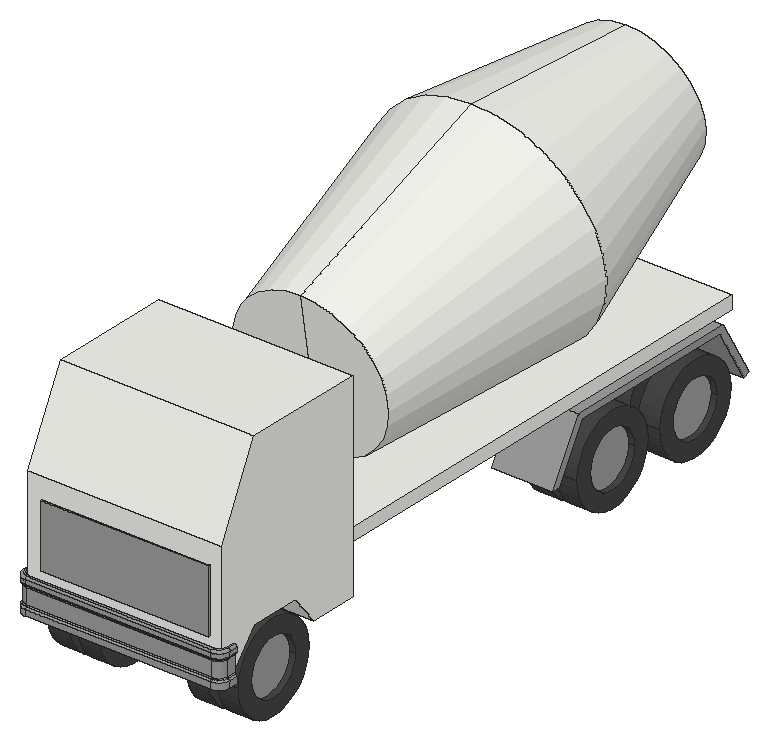
Revit family
Parameters (values of type "Concrete Truck")
  Cab Material = Metal - Paint Finish - White, Matte
  Tire Material = Plastic - Black
  Trailer Material = Metal - Paint Finish - White, Matte
Reference planes
  plane 1 "Center (Left/Right)": x = -43.962
  plane 2: z = 0
  plane 3 "Front": y = -4223.238
  plane 4: z = 457.2
  plane 5: z = 457.2
  plane 6: y = -4680.438
  plane 7: z = 457.2
  plane 8: z = 457.2
  plane 9 "Center (Front/Back)": y = -146.538
  plane 10 "Back": y = 3930.162
Forms (mm)
  Extrusion 1, solid, material "Metal - Steel"
    sketch origin (-43.962, -4223.238, 0) x (0, -1, 0) y (1, 0, 0)
      loop
        line (-2540, 406.4) -> (-8001, 406.4) -> (-8001, -406.4) -> (-2540, -406.4) -> (-2540, -754.278) -> (-1219.2, -754.278) -> (-1219.2, 769.722) -> (-2540, 769.722) -> (-2540, 406.4)
    from 711.2 to 1219.2
  Extrusion 2, solid, material "Plastic - Black" <- "Tire Material"
    sketch origin (-43.962, 1371.6, 0) x (0, -1, 0) y (0, 0, -1)
      loop
        circle (-1720.362, -514.35) r 520.7
      loop
        circle (4502.638, -514.35) r 520.7
      loop
        circle (-501.162, -514.35) r 520.7
      loop
        circle (4502.638, -514.35) r 330.2
      loop
        circle (-501.162, -514.35) r 330.2
      loop
        circle (-1720.362, -514.35) r 330.2
    from 873.125 to 1127.125
  Sweep 3, solid, material "Metal - Chrome Plate"
    path origin (5638.8, 4648.2, 0) x (1, 0, 0) y (0, 1, 0)
      loop
        line (-6901.962, -8439.638) -> (-6901.962, -8541.238)
        arc (-6901.962, -8541.238) -> (-6864.764, -8631.041) -> (-6774.962, -8668.238) r 127
        line (-6774.962, -8668.238) -> (-4590.562, -8668.238)
        arc (-4590.562, -8668.238) -> (-4500.759, -8631.041) -> (-4463.562, -8541.238) r 127
        line (-4463.562, -8541.238) -> (-4463.562, -8439.638)
    profile origin (0, -3842.238, 0) x (1, 0, 0) y (0, 0, 1)
      loop
        line (-1263.162, 661.014) -> (-1212.362, 661.014) -> (-1212.362, 1067.414) -> (-1237.762, 1067.414)
        arc (-1237.762, 1067.414) -> (-1255.722, 1059.975) -> (-1263.162, 1042.014) r 25.4
        line (-1263.162, 1042.014) -> (-1263.162, 991.214) -> (-1243.66, 971.713)
        arc (-1243.66, 971.713) -> (-1238.154, 963.473) -> (-1236.221, 953.753) r 25.4
        line (-1236.221, 953.753) -> (-1236.221, 771.595)
        arc (-1236.221, 771.595) -> (-1238.154, 761.875) -> (-1243.66, 753.634) r 25.4
        line (-1243.66, 753.634) -> (-1263.162, 734.133) -> (-1263.162, 661.014)
  Extrusion 4, solid, material "Metal - Paint Finish - White, Matte"
    sketch origin (-43.962, 1371.6, 0) x (0, -1, 0) y (0, 0, 1)
      loop
        line (4808.307, 3098.8) -> (3359.638, 3098.8) -> (3359.638, 762) -> (3931.138, 762) -> (4214.99, 1100.281) -> (4810.21, 1100.281) -> (5095.504, 760.281) -> (5289.665, 760.281) -> (5289.665, 2133.6) -> (4808.307, 3098.8)
    from -1143 to 1143
  Extrusion 5, solid, material "Plastic - Black" <- "Tire Material"
    sketch origin (-43.962, 1371.6, 0) x (0, -1, 0) y (0, 0, 1)
      loop
        circle (-1720.362, 514.35) r 520.7
      loop
        circle (4502.638, 514.35) r 520.7
      loop
        circle (-501.162, 514.35) r 520.7
      loop
        circle (-1720.362, 514.35) r 330.2
      loop
        circle (-501.162, 514.35) r 330.2
      loop
        circle (4502.638, 514.35) r 330.2
    from 873.125 to 1127.125
  Revolve 6, solid, material "Metal - Paint Finish - White, Matte"
    sketch origin (-43.962, 0, 0) x (0, -1, 0) y (0, 0, 1)
      loop
        line (1168.011, 2355.21) -> (-3620.309, 3197.729) -> (-3762.828, 2387.741) -> (-1686.164, 1454.737) -> (1009.571, 1454.737) -> (1168.011, 2355.21)
      axis (1168.011, 2355.21) -> (-3620.309, 3197.729)
    angle from 0 to 360
  Extrusion 7, solid, material "Metal - Paint Finish - White, Matte"
    sketch origin (5638.8, 1371.6, 0) x (1, 0, 0) y (0, 1, 0)
      loop
        line (-6658.652, -3359.638) -> (-4677.452, -3359.638) -> (-4677.452, 2406.162) -> (-6658.652, 2406.162) -> (-6658.652, -3359.638)
    from 1219.2 to 1369.814
  Extrusion 8, solid, material "Plastic - Black" <- "Tire Material"
    sketch origin (-409.087, 1371.6, 0) x (0, -1, 0) y (0, 0, -1)
      loop
        circle (-1720.362, -514.35) r 520.7
      loop
        circle (4502.638, -514.35) r 520.7
      loop
        circle (-501.162, -514.35) r 520.7
    from 873.125 to 1127.125
  Extrusion 9, solid, material "Plastic - Black" <- "Tire Material"
    sketch origin (321.163, 1371.6, 0) x (0, -1, 0) y (0, 0, 1)
      loop
        circle (-1720.362, 514.35) r 520.7
      loop
        circle (4510.892, 511.427) r 520.7
      loop
        circle (-501.162, 514.35) r 520.7
    from 873.125 to 1127.125
  Extrusion 10, solid, material "Metal - Chrome Plate"
    sketch origin (-1171.087, 1371.6, 0) x (0, -1, 0) y (0, 0, 1)
      loop
        line (-2504.642, 557.862) -> (-2438.219, 520.522) -> (-2088.29, 1143) -> (-43.263, 1143) -> (293.743, 559.289) -> (381.731, 559.289) -> (0.731, 1219.2) -> (-2132.869, 1219.2) -> (-2504.642, 557.862)
    from -720.725 to 0
  Extrusion 11, solid, material "Metal - Chrome Plate"
    sketch origin (1083.163, 1371.6, 0) x (0, -1, 0) y (0, 0, -1)
      loop
        line (-2504.642, -557.862) -> (-2132.869, -1219.2) -> (0.731, -1219.2) -> (381.731, -559.289) -> (293.743, -559.289) -> (-43.263, -1143) -> (-2088.29, -1143) -> (-2438.219, -520.522) -> (-2504.642, -557.862)
    from -720.725 to 0
  Extrusion 12, solid, material "Metal - Steel"
    sketch origin (-1186.962, -3918.065, 760.281) x (1, 0, 0) y (0, 0, 1)
      loop
        line (166.7, 1132.987) -> (166.7, 382.719) -> (2148.31, 382.719) -> (2148.31, 1132.987) -> (166.7, 1132.987)
    from 0 to 23.416
  Extrusion 13, solid, material "Metal - Steel"
    sketch origin (-1171.087, 1371.6, 0) x (0, -1, 0) y (0, 0, 1)
      loop
        circle (4502.638, 514.35) r 330.2
      loop
        circle (-501.162, 514.35) r 330.2
      loop
        circle (-1720.362, 514.35) r 330.2
    from -254 to -98.227
  Extrusion 14, solid, material "Metal - Steel"
    sketch origin (1083.163, 1371.6, 0) x (0, -1, 0) y (0, 0, -1)
      loop
        circle (4500.819, -514.345) r 330.2
      loop
        circle (-502.981, -514.345) r 330.2
      loop
        circle (-1720.362, -514.35) r 330.2
    from -254 to -81.558
Lines and regions (mm)
  Split face 1
    outline origin (1099.038, 1371.6, 0) x (0, -1, 0) y (0, 0, 1)
      loop
        line (5134.482, 2060.692) -> (4686.521, 2939.865) -> (3664.438, 2939.865) -> (3664.438, 1066.786) -> (3944.637, 1066.786) -> (4157.769, 1320.786) -> (5134.482, 1320.786) -> (5134.482, 2060.692)
  Split face 2
    outline origin (1099.038, 1371.6, 0) x (0, -1, 0) y (0, 0, 1)
      loop
        line (4645.054, 2870.755) -> (3744.445, 2870.755) -> (3744.445, 2184.955) -> (4994.486, 2184.955) -> (4645.054, 2870.755)
  Split face 3
    outline origin (-1186.962, -3918.065, 2133.6) x (1, 0, 0) y (0, 0.446292, 0.894888)
      loop
        line (76.2, 80.718) -> (2199.11, 80.718) -> (2199.11, 918.918) -> (76.2, 918.918) -> (76.2, 80.718)
  Split face 4
    outline origin (-1186.962, 1371.6, 0) x (0, -1, 0) y (0, 0, 1)
      loop
        line (3664.438, 2939.865) -> (3664.438, 1066.786) -> (3944.637, 1066.786) -> (4157.769, 1320.786) -> (5137.638, 1320.786) -> (5137.638, 2033.444) -> (4685.595, 2939.865) -> (3664.438, 2939.865)
  Split face 5
    outline origin (-1186.962, 1371.6, 0) x (0, -1, 0) y (0, 0, 1)
      loop
        line (3742.556, 2870.755) -> (3742.556, 2184.955) -> (4991.428, 2184.955) -> (4649.411, 2870.755) -> (3742.556, 2870.755)
Dimensions and locks
  aligned and locked: Extrusion 5 to Extrusion 13
